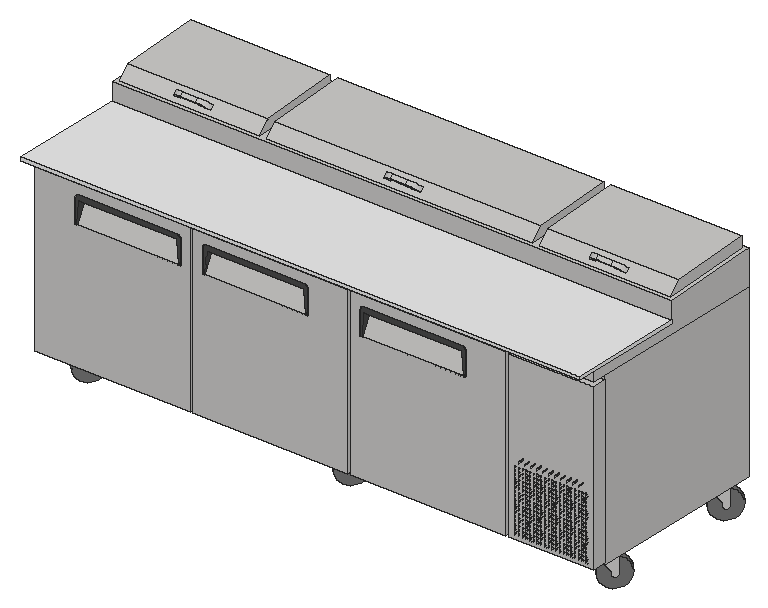
Revit family "QF_Turbo Air_TPR-93SD", category Specialty Equipment, Revit 2012 (continued)
Forms (in)
  Extrusion 17, solid, material "QF_Finishes_Clearances", detail levels coarse
    sketch origin (-20.10094, 0, 0) x (0, 1, 0) y (0, 0, 1)
      loop
        line (-0.43665, 40.16021) -> (0.94312, 41.18404) -> (-6.89696, 51.74983) -> (-9.30056, 52.10578)
        arc (-9.30056, 52.10578) -> (-13.94213, 46.43603) -> (-15.28268, 39.23233) r 14.75
        line (-15.28268, 39.23233) -> (-13.67506, 41.0543) -> (-0.54382, 41.875) -> (-0.43665, 40.16021)
    from 0 to 23.3125
  Extrusion 18, solid, material "QF_Finishes_Stainless Steel"
    sketch origin (4.39906, 0, 0) x (0, 1, 0) y (0, 0, 1)
      loop
        line (-0.43665, 40.16021) -> (-0.54382, 41.875) -> (-13.67506, 41.0543) -> (-15.28268, 39.23233) -> (-0.43665, 40.16021)
    from 0 to 44.4375
  Extrusion 19, solid, material "QF_Finishes_Stainless Steel"
    sketch origin (35.0625, 15.62211, 13.58363) x (1, 0, 0) y (0, -0.749838, 0.661622)
      loop
        line (-6.44469, 40.14331) -> (-5.44469, 40.14331)
        arc (-5.44469, 40.14331) -> (-6.1194, 41.04872) -> (-7.19469, 41.39331) r 1.85
        line (-7.19469, 41.39331) -> (-9.69469, 41.39331)
        arc (-9.69469, 41.39331) -> (-10.76998, 41.04872) -> (-11.44469, 40.14331) r 1.85
        line (-11.44469, 40.14331) -> (-10.44469, 40.14331) -> (-10.44469, 40.64331)
        arc (-10.44469, 40.64331) -> (-10.29824, 40.99687) -> (-9.94469, 41.14331) r 0.5
        line (-9.94469, 41.14331) -> (-6.94469, 41.14331)
        arc (-6.94469, 41.14331) -> (-6.59114, 40.99687) -> (-6.44469, 40.64331) r 0.5
        line (-6.44469, 40.64331) -> (-6.44469, 40.14331)
    from -0.375 to 0.375
  Extrusion 20, solid, material "QF_Finishes_Clearances", detail levels coarse
    sketch origin (-0.96875, -13.97942, 12.21756) x (1, 0, 0) y (0, 0.146492, 0.989212)
      loop
        line (29.58656, 40.14331) -> (30.58656, 40.14331)
        arc (30.58656, 40.14331) -> (29.91185, 41.04872) -> (28.83656, 41.39331) r 1.85
        line (28.83656, 41.39331) -> (26.33656, 41.39331)
        arc (26.33656, 41.39331) -> (25.26127, 41.04872) -> (24.58656, 40.14331) r 1.85
        line (24.58656, 40.14331) -> (25.58656, 40.14331) -> (25.58656, 40.64331)
        arc (25.58656, 40.64331) -> (25.73301, 40.99687) -> (26.08656, 41.14331) r 0.5
        line (26.08656, 41.14331) -> (29.08656, 41.14331)
        arc (29.08656, 41.14331) -> (29.44011, 40.99687) -> (29.58656, 40.64331) r 0.5
        line (29.58656, 40.64331) -> (29.58656, 40.14331)
    from -0.375 to 0.375
  Extrusion 21, solid, material "QF_Finishes_Clearances", detail levels coarse
    sketch origin (4.39906, 0, 0) x (0, 1, 0) y (0, 0, 1)
      loop
        line (-0.43665, 40.16021) -> (0.94312, 41.18404) -> (-6.89696, 51.74983) -> (-9.30056, 52.10578)
        arc (-9.30056, 52.10578) -> (-13.94213, 46.43603) -> (-15.28268, 39.23233) r 14.75
        line (-15.28268, 39.23233) -> (-13.67506, 41.0543) -> (-0.54382, 41.875) -> (-0.43665, 40.16021)
    from 0 to 44.4375
  Extrusion 22, solid, material "QF_Finishes_Black"
    sketch origin (0, -29.875, 0) x (1, 0, 0) y (0, 0, 1)
      loop
        line (6.58656, 32.5625) -> (6.58656, 7.125) -> (30.58656, 7.125) -> (30.58656, 32.5625) -> (6.58656, 32.5625)
    from 0 to 0.5625
Lines and regions (in)
  symbolic lines
    curve 1: line (-20.78844, 0, 0) -> (72.58656, 0, 0)
    curve 2: line (-20.78844, -35.25, 0) -> (-20.78844, 0, 0)
    curve 3: line (72.58656, -35.25, 0) -> (-20.78844, -35.25, 0)
    curve 4: line (72.58656, 0, 0) -> (72.58656, -35.25, 0)
    curve 5: line (-20.78844, -16, 0) -> (72.58656, -16, 0)
    curve 6: line (-20.10094, -0.43665, 0) -> (3.21156, -0.43665, 0)
    curve 7: line (-20.10094, -0.43665, 0) -> (-20.10094, -15.28268, 0)
    curve 8: line (3.21156, -15.28268, 0) -> (-5.92034, -15.28268, 0)
    curve 9: line (3.21156, -15.28268, 0) -> (3.21156, -0.43665, 0)
    curve 10: line (-7.19469, -15.66428, 0) -> (-9.69469, -15.66428, 0)
    curve 11: line (-9.69469, -15.16806, 0) -> (-7.19469, -15.16806, 0)
    curve 12: spline (-9.69469, -15.66428, 0) -> (-9.88559, -15.65687, 0) -> (-10.07446, -15.63473, 0) -> (-10.25927, -15.5981, 0) -> (-10.43805, -15.54736, 0) -> (-10.6089, -15.48306, 0) -> (-10.76998, -15.40589, 0) -> (-10.91958, -15.31666, 0) -> (-11.05611, -15.21633, 0) -> (-11.1781, -15.10598, 0) -> (-11.28425, -14.98677, 0) -> (-11.37343, -14.85999, 0) -> (-11.44469, -14.72698, 0)
    curve 13: spline (-11.44469, -14.23076, 0) -> (-11.37343, -14.36377, 0) -> (-11.28425, -14.49055, 0) -> (-11.1781, -14.60976, 0) -> (-11.05611, -14.72012, 0) -> (-10.91958, -14.82044, 0) -> (-10.76998, -14.90967, 0) -> (-10.6089, -14.98685, 0) -> (-10.43805, -15.05115, 0) -> (-10.25927, -15.10189, 0) -> (-10.07446, -15.13852, 0) -> (-9.88559, -15.16066, 0) -> (-9.69469, -15.16806, 0)
    curve 14: line (-10.44469, -14.23076, 0) -> (-11.44469, -14.23076, 0)
    curve 15: line (-11.44469, -14.23076, 0) -> (-11.44469, -14.72698, 0)
    curve 16: line (-10.44469, -14.60568, 0) -> (-10.44469, -14.23076, 0)
    curve 17: line (-6.94469, -14.9806, 0) -> (-9.94469, -14.9806, 0)
    curve 18: spline (-9.94469, -14.9806, 0) -> (-10.00995, -14.97739, 0) -> (-10.0741, -14.96783, 0) -> (-10.13603, -14.95206, 0) -> (-10.19469, -14.93037, 0) -> (-10.24907, -14.90313, 0) -> (-10.29824, -14.87079, 0) -> (-10.34137, -14.83392, 0) -> (-10.3777, -14.79314, 0) -> (-10.40663, -14.74916, 0) -> (-10.42765, -14.70272, 0) -> (-10.44041, -14.65462, 0) -> (-10.44469, -14.60568, 0)
    curve 19: line (-5.44469, -14.23076, 0) -> (-6.44469, -14.23076, 0)
    curve 20: line (-5.44469, -14.72698, 0) -> (-5.44469, -14.23076, 0)
    curve 21: line (-6.44469, -14.23076, 0) -> (-6.44469, -14.60568, 0)
    curve 22: spline (-6.44469, -14.60568, 0) -> (-6.44897, -14.65462, 0) -> (-6.46173, -14.70272, 0) -> (-6.48275, -14.74916, 0) -> (-6.51168, -14.79314, 0) -> (-6.54801, -14.83392, 0) -> (-6.59114, -14.87079, 0) -> (-6.64031, -14.90313, 0) -> (-6.69469, -14.93037, 0) -> (-6.75335, -14.95206, 0) -> (-6.81528, -14.96783, 0) -> (-6.87943, -14.97739, 0) -> (-6.94469, -14.9806, 0)
    curve 23: spline (-7.19469, -15.16806, 0) -> (-7.00379, -15.16066, 0) -> (-6.81492, -15.13852, 0) -> (-6.63011, -15.10189, 0) -> (-6.45133, -15.05115, 0) -> (-6.28048, -14.98685, 0) -> (-6.1194, -14.90967, 0) -> (-5.9698, -14.82044, 0) -> (-5.83327, -14.72012, 0) -> (-5.71128, -14.60976, 0) -> (-5.60513, -14.49055, 0) -> (-5.51595, -14.36377, 0) -> (-5.44469, -14.23076, 0)
    curve 24: spline (-5.44469, -14.72698, 0) -> (-5.51595, -14.85999, 0) -> (-5.60513, -14.98677, 0) -> (-5.71128, -15.10598, 0) -> (-5.83327, -15.21633, 0) -> (-5.9698, -15.31666, 0) -> (-6.1194, -15.40589, 0) -> (-6.28048, -15.48306, 0) -> (-6.45133, -15.54736, 0) -> (-6.63011, -15.5981, 0) -> (-6.81492, -15.63473, 0) -> (-7.00379, -15.65687, 0) -> (-7.19469, -15.66428, 0)
    curve 25: line (-10.96904, -15.28268, 0) -> (-20.10094, -15.28268, 0)
    curve 26: line (-15.28844, 1, 0) -> (-14.03844, 1, 0)
    curve 27: line (65.83656, 1, 0) -> (67.08656, 1, 0)
    curve 28: line (67.08656, 1, 0) -> (67.08656, 0, 0)
    curve 29: line (65.83656, 1, 0) -> (65.83656, 0, 0)
    curve 30: line (-14.03844, 1, 0) -> (-14.03844, 0, 0)
    curve 31: line (-15.28844, 1, 0) -> (-15.28844, 0, 0)
    curve 52: line (62.21156, -15.66428, 0) -> (59.71156, -15.66428, 0)
    curve 53: line (59.71156, -15.16806, 0) -> (62.21156, -15.16806, 0)
    curve 54: spline (59.71156, -15.66428, 0) -> (59.52066, -15.65687, 0) -> (59.33179, -15.63473, 0) -> (59.14698, -15.5981, 0) -> (58.9682, -15.54736, 0) -> (58.79735, -15.48306, 0) -> (58.63627, -15.40589, 0) -> (58.48667, -15.31666, 0) -> (58.35014, -15.21633, 0) -> (58.22815, -15.10598, 0) -> (58.122, -14.98677, 0) -> (58.03282, -14.85999, 0) -> (57.96156, -14.72698, 0)
    curve 55: spline (57.96156, -14.23076, 0) -> (58.03282, -14.36377, 0) -> (58.122, -14.49055, 0) -> (58.22815, -14.60976, 0) -> (58.35014, -14.72012, 0) -> (58.48667, -14.82044, 0) -> (58.63627, -14.90967, 0) -> (58.79735, -14.98685, 0) -> (58.9682, -15.05115, 0) -> (59.14698, -15.10189, 0) -> (59.33179, -15.13852, 0) -> (59.52066, -15.16066, 0) -> (59.71156, -15.16806, 0)
    curve 56: line (58.96156, -14.23076, 0) -> (57.96156, -14.23076, 0)
    curve 57: line (57.96156, -14.23076, 0) -> (57.96156, -14.72698, 0)
    curve 58: line (58.96156, -14.60568, 0) -> (58.96156, -14.23076, 0)
    curve 59: line (63.96156, -14.23076, 0) -> (62.96156, -14.23076, 0)
    curve 60: line (63.96156, -14.72698, 0) -> (63.96156, -14.23076, 0)
    curve 61: line (62.96156, -14.23076, 0) -> (62.96156, -14.60568, 0)
    curve 62: spline (62.21156, -15.16806, 0) -> (62.40246, -15.16066, 0) -> (62.59133, -15.13852, 0) -> (62.77614, -15.10189, 0) -> (62.95492, -15.05115, 0) -> (63.12577, -14.98685, 0) -> (63.28685, -14.90967, 0) -> (63.43645, -14.82044, 0) -> (63.57298, -14.72012, 0) -> (63.69497, -14.60976, 0) -> (63.80112, -14.49055, 0) -> (63.8903, -14.36377, 0) -> (63.96156, -14.23076, 0)
    curve 63: spline (63.96156, -14.72698, 0) -> (63.8903, -14.85999, 0) -> (63.80112, -14.98677, 0) -> (63.69497, -15.10598, 0) -> (63.57298, -15.21633, 0) -> (63.43645, -15.31666, 0) -> (63.28685, -15.40589, 0) -> (63.12577, -15.48306, 0) -> (62.95492, -15.54736, 0) -> (62.77614, -15.5981, 0) -> (62.59133, -15.63473, 0) -> (62.40246, -15.65687, 0) -> (62.21156, -15.66428, 0)
    curve 67: line (71.89906, -0.43665, 0) -> (50.02406, -0.43665, 0)
    curve 68: line (50.02406, -15.28268, 0) -> (58.43721, -15.28268, 0)
    curve 69: line (50.02406, -0.43665, 0) -> (50.02406, -15.28268, 0)
    curve 70: line (71.89906, -15.28268, 0) -> (71.89906, -0.43665, 0)
    curve 71: line (63.48591, -15.28268, 0) -> (71.89906, -15.28268, 0)
    curve 148: line (27.86781, -15.66428, 0) -> (25.36781, -15.66428, 0)
    curve 149: line (25.36781, -15.16806, 0) -> (27.86781, -15.16806, 0)
    curve 150: spline (25.36781, -15.66428, 0) -> (25.17691, -15.65687, 0) -> (24.98804, -15.63473, 0) -> (24.80323, -15.5981, 0) -> (24.62445, -15.54736, 0) -> (24.4536, -15.48306, 0) -> (24.29252, -15.40589, 0) -> (24.14292, -15.31666, 0) -> (24.00639, -15.21633, 0) -> (23.8844, -15.10598, 0) -> (23.77825, -14.98677, 0) -> (23.68907, -14.85999, 0) -> (23.61781, -14.72698, 0)
    curve 151: spline (23.61781, -14.23076, 0) -> (23.68907, -14.36377, 0) -> (23.77825, -14.49055, 0) -> (23.8844, -14.60976, 0) -> (24.00639, -14.72012, 0) -> (24.14292, -14.82044, 0) -> (24.29252, -14.90967, 0) -> (24.4536, -14.98685, 0) -> (24.62445, -15.05115, 0) -> (24.80323, -15.10189, 0) -> (24.98804, -15.13852, 0) -> (25.17691, -15.16066, 0) -> (25.36781, -15.16806, 0)
    curve 152: line (24.61781, -14.23076, 0) -> (23.61781, -14.23076, 0)
    curve 153: line (23.61781, -14.23076, 0) -> (23.61781, -14.72698, 0)
    curve 154: line (24.61781, -14.60568, 0) -> (24.61781, -14.23076, 0)
    curve 155: line (28.11781, -14.9806, 0) -> (25.11781, -14.9806, 0)
    curve 156: spline (25.11781, -14.9806, 0) -> (25.05255, -14.97739, 0) -> (24.9884, -14.96783, 0) -> (24.92647, -14.95206, 0) -> (24.86781, -14.93037, 0) -> (24.81343, -14.90313, 0) -> (24.76426, -14.87079, 0) -> (24.72113, -14.83392, 0) -> (24.6848, -14.79314, 0) -> (24.65587, -14.74916, 0) -> (24.63485, -14.70272, 0) -> (24.62209, -14.65462, 0) -> (24.61781, -14.60568, 0)
    curve 157: line (29.61781, -14.23076, 0) -> (28.61781, -14.23076, 0)
    curve 158: line (29.61781, -14.72698, 0) -> (29.61781, -14.23076, 0)
    curve 159: line (28.61781, -14.23076, 0) -> (28.61781, -14.60568, 0)
    curve 160: spline (28.61781, -14.60568, 0) -> (28.61353, -14.65462, 0) -> (28.60077, -14.70272, 0) -> (28.57975, -14.74916, 0) -> (28.55082, -14.79314, 0) -> (28.51449, -14.83392, 0) -> (28.47136, -14.87079, 0) -> (28.42219, -14.90313, 0) -> (28.36781, -14.93037, 0) -> (28.30915, -14.95206, 0) -> (28.24722, -14.96783, 0) -> (28.18307, -14.97739, 0) -> (28.11781, -14.9806, 0)
    curve 161: spline (27.86781, -15.16806, 0) -> (28.05871, -15.16066, 0) -> (28.24758, -15.13852, 0) -> (28.43239, -15.10189, 0) -> (28.61117, -15.05115, 0) -> (28.78202, -14.98685, 0) -> (28.9431, -14.90967, 0) -> (29.0927, -14.82044, 0) -> (29.22923, -14.72012, 0) -> (29.35122, -14.60976, 0) -> (29.45737, -14.49055, 0) -> (29.54655, -14.36377, 0) -> (29.61781, -14.23076, 0)
    curve 162: spline (29.61781, -14.72698, 0) -> (29.54655, -14.85999, 0) -> (29.45737, -14.98677, 0) -> (29.35122, -15.10598, 0) -> (29.22923, -15.21633, 0) -> (29.0927, -15.31666, 0) -> (28.9431, -15.40589, 0) -> (28.78202, -15.48306, 0) -> (28.61117, -15.54736, 0) -> (28.43239, -15.5981, 0) -> (28.24758, -15.63473, 0) -> (28.05871, -15.65687, 0) -> (27.86781, -15.66428, 0)
    curve 256: line (4.39906, -0.43665, 0) -> (4.39906, -15.28268, 0)
    curve 257: line (4.39906, -15.28268, 0) -> (24.09346, -15.28268, 0)
    curve 258: line (48.83656, -15.28268, 0) -> (48.83656, -0.43665, 0)
    curve 259: line (48.83656, -0.43665, 0) -> (4.39906, -0.43665, 0)
    curve 260: line (29.14216, -15.28268, 0) -> (48.83656, -15.28268, 0)
  symbolic lines, style "QF_Surface Details"
    curve 32: line (-11.31969, -14.5625, 0) -> (-5.56969, -14.5625, 0)
    curve 33: line (-5.00719, -14, 0) -> (-5.00719, -2.375, 0)
    curve 34: line (-5.56969, -1.8125, 0) -> (-11.31969, -1.8125, 0)
    curve 35: line (-11.88219, -14, 0) -> (-11.88219, -2.375, 0)
    curve 36: arc (-5.56969, -1.8125, 0) -> (-5.17194, -1.97725, 0) -> (-5.00719, -2.375, 0) r 0.5625
    curve 37: arc (-11.31969, -1.8125, 0) -> (-11.71744, -1.97725, 0) -> (-11.88219, -2.375, 0) r 0.5625
    curve 38: arc (-11.88219, -14, 0) -> (-11.71744, -14.39775, 0) -> (-11.31969, -14.5625, 0) r 0.5625
    curve 39: arc (-5.00719, -14, 0) -> (-5.17194, -14.39775, 0) -> (-5.56969, -14.5625, 0) r 0.5625
    curve 40: line (-5.56969, -12.625, 0) -> (-5.56969, -3.75, 0)
    curve 41: line (-6.94469, -2.375, 0) -> (-9.94469, -2.375, 0)
    curve 42: line (-9.94469, -14, 0) -> (-6.94469, -14, 0)
    curve 43: line (-11.31969, -12.625, 0) -> (-11.31969, -3.75, 0)
    curve 44: arc (-9.94469, -2.375, 0) -> (-10.91696, -2.77773, 0) -> (-11.31969, -3.75, 0) r 1.375
    curve 45: arc (-6.94469, -2.375, 0) -> (-5.97242, -2.77773, 0) -> (-5.56969, -3.75, 0) r 1.375
    curve 46: arc (-5.56969, -12.625, 0) -> (-5.97242, -13.59727, 0) -> (-6.94469, -14, 0) r 1.375
    curve 47: arc (-9.94469, -14, 0) -> (-10.91696, -13.59727, 0) -> (-11.31969, -12.625, 0) r 1.375
    curve 72: line (50.64906, -14, 0) -> (50.64906, -2.375, 0)
    curve 73: line (51.21156, -14.5625, 0) -> (56.96156, -14.5625, 0)
    curve 74: line (57.52406, -14, 0) -> (57.52406, -2.375, 0)
    curve 75: line (56.96156, -1.8125, 0) -> (51.21156, -1.8125, 0)
    curve 76: arc (56.96156, -1.8125, 0) -> (57.35931, -1.97725, 0) -> (57.52406, -2.375, 0) r 0.5625
    curve 77: arc (51.21156, -1.8125, 0) -> (50.81381, -1.97725, 0) -> (50.64906, -2.375, 0) r 0.5625
    curve 78: arc (57.52406, -14, 0) -> (57.35931, -14.39775, 0) -> (56.96156, -14.5625, 0) r 0.5625
    curve 79: line (56.96156, -12.625, 0) -> (56.96156, -3.75, 0)
    curve 80: line (55.58656, -2.375, 0) -> (52.58656, -2.375, 0)
    curve 81: line (52.58656, -14, 0) -> (55.58656, -14, 0)
    curve 82: line (51.21156, -12.625, 0) -> (51.21156, -3.75, 0)
    curve 83: arc (52.58656, -2.375, 0) -> (51.61429, -2.77773, 0) -> (51.21156, -3.75, 0) r 1.375
    curve 84: arc (55.58656, -2.375, 0) -> (56.55883, -2.77773, 0) -> (56.96156, -3.75, 0) r 1.375
    curve 85: arc (56.96156, -12.625, 0) -> (56.55883, -13.59727, 0) -> (55.58656, -14, 0) r 1.375
    curve 86: arc (52.58656, -14, 0) -> (51.61429, -13.59727, 0) -> (51.21156, -12.625, 0) r 1.375
    curve 87: arc (50.64906, -14, 0) -> (50.81381, -14.39775, 0) -> (51.21156, -14.5625, 0) r 0.5625
    curve 88: line (58.08656, -14.5625, 0) -> (63.83656, -14.5625, 0)
    curve 89: line (64.39906, -14, 0) -> (64.39906, -2.375, 0)
    curve 90: line (63.83656, -1.8125, 0) -> (58.08656, -1.8125, 0)
    curve 91: arc (63.83656, -1.8125, 0) -> (64.23431, -1.97725, 0) -> (64.39906, -2.375, 0) r 0.5625
    curve 92: arc (58.08656, -1.8125, 0) -> (57.68881, -1.97725, 0) -> (57.52406, -2.375, 0) r 0.5625
    curve 93: arc (64.39906, -14, 0) -> (64.23431, -14.39775, 0) -> (63.83656, -14.5625, 0) r 0.5625
    curve 94: line (63.83656, -12.625, 0) -> (63.83656, -3.75, 0)
    curve 95: line (62.46156, -2.375, 0) -> (59.46156, -2.375, 0)
    curve 96: line (59.46156, -14, 0) -> (62.46156, -14, 0)
    curve 97: line (58.08656, -12.625, 0) -> (58.08656, -3.75, 0)
    curve 98: arc (59.46156, -2.375, 0) -> (58.48929, -2.77773, 0) -> (58.08656, -3.75, 0) r 1.375
    curve 99: arc (62.46156, -2.375, 0) -> (63.43383, -2.77773, 0) -> (63.83656, -3.75, 0) r 1.375
    curve 100: arc (63.83656, -12.625, 0) -> (63.43383, -13.59727, 0) -> (62.46156, -14, 0) r 1.375
    curve 101: arc (59.46156, -14, 0) -> (58.48929, -13.59727, 0) -> (58.08656, -12.625, 0) r 1.375
    curve 102: arc (57.52406, -14, 0) -> (57.68881, -14.39775, 0) -> (58.08656, -14.5625, 0) r 0.5625
    curve 103: line (64.96156, -14.5625, 0) -> (70.71156, -14.5625, 0)
    curve 104: line (71.27406, -14, 0) -> (71.27406, -2.375, 0)
    curve 105: line (70.71156, -1.8125, 0) -> (64.96156, -1.8125, 0)
    curve 106: arc (70.71156, -1.8125, 0) -> (71.10931, -1.97725, 0) -> (71.27406, -2.375, 0) r 0.5625
    curve 107: arc (64.96156, -1.8125, 0) -> (64.56381, -1.97725, 0) -> (64.39906, -2.375, 0) r 0.5625
    curve 108: arc (71.27406, -14, 0) -> (71.10931, -14.39775, 0) -> (70.71156, -14.5625, 0) r 0.5625
    curve 109: line (70.71156, -12.625, 0) -> (70.71156, -3.75, 0)
    curve 110: line (69.33656, -2.375, 0) -> (66.33656, -2.375, 0)
    curve 111: line (66.33656, -14, 0) -> (69.33656, -14, 0)
    curve 112: line (64.96156, -12.625, 0) -> (64.96156, -3.75, 0)
    curve 113: arc (66.33656, -2.375, 0) -> (65.36429, -2.77773, 0) -> (64.96156, -3.75, 0) r 1.375
    curve 114: arc (69.33656, -2.375, 0) -> (70.30883, -2.77773, 0) -> (70.71156, -3.75, 0) r 1.375
    curve 115: arc (70.71156, -12.625, 0) -> (70.30883, -13.59727, 0) -> (69.33656, -14, 0) r 1.375
    curve 116: arc (66.33656, -14, 0) -> (65.36429, -13.59727, 0) -> (64.96156, -12.625, 0) r 1.375
    curve 117: arc (64.39906, -14, 0) -> (64.56381, -14.39775, 0) -> (64.96156, -14.5625, 0) r 0.5625
    curve 118: line (-18.19469, -14.5625, 0) -> (-12.44469, -14.5625, 0)
    curve 119: line (-12.44469, -1.8125, 0) -> (-18.19469, -1.8125, 0)
    curve 120: line (-18.75719, -14, 0) -> (-18.75719, -2.375, 0)
    curve 121: arc (-12.44469, -1.8125, 0) -> (-12.04694, -1.97725, 0) -> (-11.88219, -2.375, 0) r 0.5625
    curve 122: arc (-18.19469, -1.8125, 0) -> (-18.59244, -1.97725, 0) -> (-18.75719, -2.375, 0) r 0.5625
    curve 123: arc (-18.75719, -14, 0) -> (-18.59244, -14.39775, 0) -> (-18.19469, -14.5625, 0) r 0.5625
    curve 124: arc (-11.88219, -14, 0) -> (-12.04694, -14.39775, 0) -> (-12.44469, -14.5625, 0) r 0.5625
    curve 125: line (-12.44469, -12.625, 0) -> (-12.44469, -3.75, 0)
    curve 126: line (-13.81969, -2.375, 0) -> (-16.81969, -2.375, 0)
    curve 127: line (-16.81969, -14, 0) -> (-13.81969, -14, 0)
    curve 128: line (-18.19469, -12.625, 0) -> (-18.19469, -3.75, 0)
    curve 129: arc (-16.81969, -2.375, 0) -> (-17.79196, -2.77773, 0) -> (-18.19469, -3.75, 0) r 1.375
    curve 130: arc (-13.81969, -2.375, 0) -> (-12.84742, -2.77773, 0) -> (-12.44469, -3.75, 0) r 1.375
    curve 131: arc (-12.44469, -12.625, 0) -> (-12.84742, -13.59727, 0) -> (-13.81969, -14, 0) r 1.375
    curve 132: arc (-16.81969, -14, 0) -> (-17.79196, -13.59727, 0) -> (-18.19469, -12.625, 0) r 1.375
    curve 133: line (1.30531, -14.5625, 0) -> (-4.44469, -14.5625, 0)
    curve 134: line (-4.44469, -1.8125, 0) -> (1.30531, -1.8125, 0)
    curve 135: line (1.86781, -14, 0) -> (1.86781, -2.375, 0)
    curve 136: arc (-4.44469, -1.8125, 0) -> (-4.84244, -1.97725, 0) -> (-5.00719, -2.375, 0) r 0.5625
    curve 137: arc (1.30531, -1.8125, 0) -> (1.70306, -1.97725, 0) -> (1.86781, -2.375, 0) r 0.5625
    curve 138: arc (1.86781, -14, 0) -> (1.70306, -14.39775, 0) -> (1.30531, -14.5625, 0) r 0.5625
    curve 139: arc (-5.00719, -14, 0) -> (-4.84244, -14.39775, 0) -> (-4.44469, -14.5625, 0) r 0.5625
    curve 140: line (-4.44469, -12.625, 0) -> (-4.44469, -3.75, 0)
    curve 141: line (-3.06969, -2.375, 0) -> (-0.06969, -2.375, 0)
    curve 142: line (-0.06969, -14, 0) -> (-3.06969, -14, 0)
    curve 143: line (1.30531, -12.625, 0) -> (1.30531, -3.75, 0)
    curve 144: arc (-0.06969, -2.375, 0) -> (0.90258, -2.77773, 0) -> (1.30531, -3.75, 0) r 1.375
    curve 145: arc (-3.06969, -2.375, 0) -> (-4.04196, -2.77773, 0) -> (-4.44469, -3.75, 0) r 1.375
    curve 146: arc (-4.44469, -12.625, 0) -> (-4.04196, -13.59727, 0) -> (-3.06969, -14, 0) r 1.375
    curve 147: arc (-0.06969, -14, 0) -> (0.90258, -13.59727, 0) -> (1.30531, -12.625, 0) r 1.375
    curve 165: line (20.30531, -14.5625, 0) -> (26.05531, -14.5625, 0)
    curve 166: line (26.61781, -14, 0) -> (26.61781, -2.375, 0)
    curve 167: line (26.05531, -1.8125, 0) -> (20.30531, -1.8125, 0)
    curve 168: line (19.74281, -14, 0) -> (19.74281, -2.375, 0)
    curve 169: arc (26.05531, -1.8125, 0) -> (26.45306, -1.97725, 0) -> (26.61781, -2.375, 0) r 0.5625
    curve 170: arc (20.30531, -1.8125, 0) -> (19.90756, -1.97725, 0) -> (19.74281, -2.375, 0) r 0.5625
    curve 171: arc (19.74281, -14, 0) -> (19.90756, -14.39775, 0) -> (20.30531, -14.5625, 0) r 0.5625
    curve 172: arc (26.61781, -14, 0) -> (26.45306, -14.39775, 0) -> (26.05531, -14.5625, 0) r 0.5625
    curve 173: line (26.05531, -12.625, 0) -> (26.05531, -3.75, 0)
    curve 174: line (24.68031, -2.375, 0) -> (21.68031, -2.375, 0)
    curve 175: line (21.68031, -14, 0) -> (24.68031, -14, 0)
    curve 176: line (20.30531, -12.625, 0) -> (20.30531, -3.75, 0)
    curve 177: arc (21.68031, -2.375, 0) -> (20.70804, -2.77773, 0) -> (20.30531, -3.75, 0) r 1.375
    curve 178: arc (24.68031, -2.375, 0) -> (25.65258, -2.77773, 0) -> (26.05531, -3.75, 0) r 1.375
    curve 179: arc (26.05531, -12.625, 0) -> (25.65258, -13.59727, 0) -> (24.68031, -14, 0) r 1.375
    curve 180: arc (21.68031, -14, 0) -> (20.70804, -13.59727, 0) -> (20.30531, -12.625, 0) r 1.375
    curve 181: line (13.43031, -14.5625, 0) -> (19.18031, -14.5625, 0)
    curve 182: line (19.18031, -1.8125, 0) -> (13.43031, -1.8125, 0)
    curve 183: line (12.86781, -14, 0) -> (12.86781, -2.375, 0)
    curve 184: arc (19.18031, -1.8125, 0) -> (19.57806, -1.97725, 0) -> (19.74281, -2.375, 0) r 0.5625
    curve 185: arc (13.43031, -1.8125, 0) -> (13.03256, -1.97725, 0) -> (12.86781, -2.375, 0) r 0.5625
    curve 186: arc (12.86781, -14, 0) -> (13.03256, -14.39775, 0) -> (13.43031, -14.5625, 0) r 0.5625
    curve 187: arc (19.74281, -14, 0) -> (19.57806, -14.39775, 0) -> (19.18031, -14.5625, 0) r 0.5625
    curve 188: line (19.18031, -12.625, 0) -> (19.18031, -3.75, 0)
    curve 189: line (17.80531, -2.375, 0) -> (14.80531, -2.375, 0)
    curve 190: line (14.80531, -14, 0) -> (17.80531, -14, 0)
    curve 191: line (13.43031, -12.625, 0) -> (13.43031, -3.75, 0)
    curve 192: arc (14.80531, -2.375, 0) -> (13.83304, -2.77773, 0) -> (13.43031, -3.75, 0) r 1.375
    curve 193: arc (17.80531, -2.375, 0) -> (18.77758, -2.77773, 0) -> (19.18031, -3.75, 0) r 1.375
    curve 194: arc (19.18031, -12.625, 0) -> (18.77758, -13.59727, 0) -> (17.80531, -14, 0) r 1.375
    curve 195: arc (14.80531, -14, 0) -> (13.83304, -13.59727, 0) -> (13.43031, -12.625, 0) r 1.375
    curve 196: line (32.93031, -14.5625, 0) -> (27.18031, -14.5625, 0)
    curve 197: line (27.18031, -1.8125, 0) -> (32.93031, -1.8125, 0)
    curve 198: line (33.49281, -14, 0) -> (33.49281, -2.375, 0)
    curve 199: arc (27.18031, -1.8125, 0) -> (26.78256, -1.97725, 0) -> (26.61781, -2.375, 0) r 0.5625
    curve 200: arc (32.93031, -1.8125, 0) -> (33.32806, -1.97725, 0) -> (33.49281, -2.375, 0) r 0.5625
    curve 201: arc (33.49281, -14, 0) -> (33.32806, -14.39775, 0) -> (32.93031, -14.5625, 0) r 0.5625
    curve 202: arc (26.61781, -14, 0) -> (26.78256, -14.39775, 0) -> (27.18031, -14.5625, 0) r 0.5625
    curve 203: line (27.18031, -12.625, 0) -> (27.18031, -3.75, 0)
    curve 204: line (28.55531, -2.375, 0) -> (31.55531, -2.375, 0)
    curve 205: line (31.55531, -14, 0) -> (28.55531, -14, 0)
    curve 206: line (32.93031, -12.625, 0) -> (32.93031, -3.75, 0)
    curve 207: arc (31.55531, -2.375, 0) -> (32.52758, -2.77773, 0) -> (32.93031, -3.75, 0) r 1.375
    curve 208: arc (28.55531, -2.375, 0) -> (27.58304, -2.77773, 0) -> (27.18031, -3.75, 0) r 1.375
    curve 209: arc (27.18031, -12.625, 0) -> (27.58304, -13.59727, 0) -> (28.55531, -14, 0) r 1.375
    curve 210: arc (31.55531, -14, 0) -> (32.52758, -13.59727, 0) -> (32.93031, -12.625, 0) r 1.375
    curve 211: line (6.55531, -14.5625, 0) -> (12.30531, -14.5625, 0)
    curve 212: line (12.30531, -1.8125, 0) -> (6.55531, -1.8125, 0)
    curve 213: line (5.99281, -14, 0) -> (5.99281, -2.375, 0)
    curve 214: arc (12.30531, -1.8125, 0) -> (12.70306, -1.97725, 0) -> (12.86781, -2.375, 0) r 0.5625
    curve 215: arc (6.55531, -1.8125, 0) -> (6.15756, -1.97725, 0) -> (5.99281, -2.375, 0) r 0.5625
    curve 216: arc (5.99281, -14, 0) -> (6.15756, -14.39775, 0) -> (6.55531, -14.5625, 0) r 0.5625
    curve 217: arc (12.86781, -14, 0) -> (12.70306, -14.39775, 0) -> (12.30531, -14.5625, 0) r 0.5625
    curve 218: line (12.30531, -12.625, 0) -> (12.30531, -3.75, 0)
    curve 219: line (10.93031, -2.375, 0) -> (7.93031, -2.375, 0)
    curve 220: line (7.93031, -14, 0) -> (10.93031, -14, 0)
    curve 221: line (6.55531, -12.625, 0) -> (6.55531, -3.75, 0)
    curve 222: arc (7.93031, -2.375, 0) -> (6.95804, -2.77773, 0) -> (6.55531, -3.75, 0) r 1.375
    curve 223: arc (10.93031, -2.375, 0) -> (11.90258, -2.77773, 0) -> (12.30531, -3.75, 0) r 1.375
    curve 224: arc (12.30531, -12.625, 0) -> (11.90258, -13.59727, 0) -> (10.93031, -14, 0) r 1.375
    curve 225: arc (7.93031, -14, 0) -> (6.95804, -13.59727, 0) -> (6.55531, -12.625, 0) r 1.375
    curve 226: line (39.80531, -14.5625, 0) -> (34.05531, -14.5625, 0)
    curve 227: line (34.05531, -1.8125, 0) -> (39.80531, -1.8125, 0)
    curve 228: line (40.36781, -14, 0) -> (40.36781, -2.375, 0)
    curve 229: arc (34.05531, -1.8125, 0) -> (33.65756, -1.97725, 0) -> (33.49281, -2.375, 0) r 0.5625
    curve 230: arc (39.80531, -1.8125, 0) -> (40.20306, -1.97725, 0) -> (40.36781, -2.375, 0) r 0.5625
    curve 231: arc (40.36781, -14, 0) -> (40.20306, -14.39775, 0) -> (39.80531, -14.5625, 0) r 0.5625
    curve 232: arc (33.49281, -14, 0) -> (33.65756, -14.39775, 0) -> (34.05531, -14.5625, 0) r 0.5625
    curve 233: line (34.05531, -12.625, 0) -> (34.05531, -3.75, 0)
    curve 234: line (35.43031, -2.375, 0) -> (38.43031, -2.375, 0)
    curve 235: line (38.43031, -14, 0) -> (35.43031, -14, 0)
    curve 236: line (39.80531, -12.625, 0) -> (39.80531, -3.75, 0)
    curve 237: arc (38.43031, -2.375, 0) -> (39.40258, -2.77773, 0) -> (39.80531, -3.75, 0) r 1.375
    curve 238: arc (35.43031, -2.375, 0) -> (34.45804, -2.77773, 0) -> (34.05531, -3.75, 0) r 1.375
    curve 239: arc (34.05531, -12.625, 0) -> (34.45804, -13.59727, 0) -> (35.43031, -14, 0) r 1.375
    curve 240: arc (38.43031, -14, 0) -> (39.40258, -13.59727, 0) -> (39.80531, -12.625, 0) r 1.375
    curve 241: line (46.68031, -14.5625, 0) -> (40.93031, -14.5625, 0)
    curve 242: line (40.93031, -1.8125, 0) -> (46.68031, -1.8125, 0)
    curve 243: line (47.24281, -14, 0) -> (47.24281, -2.375, 0)
    curve 244: arc (40.93031, -1.8125, 0) -> (40.53256, -1.97725, 0) -> (40.36781, -2.375, 0) r 0.5625
    curve 245: arc (46.68031, -1.8125, 0) -> (47.07806, -1.97725, 0) -> (47.24281, -2.375, 0) r 0.5625
    curve 246: arc (47.24281, -14, 0) -> (47.07806, -14.39775, 0) -> (46.68031, -14.5625, 0) r 0.5625
    curve 247: arc (40.36781, -14, 0) -> (40.53256, -14.39775, 0) -> (40.93031, -14.5625, 0) r 0.5625
    curve 248: line (40.93031, -12.625, 0) -> (40.93031, -3.75, 0)
    curve 249: line (42.30531, -2.375, 0) -> (45.30531, -2.375, 0)
    curve 250: line (45.30531, -14, 0) -> (42.30531, -14, 0)
    curve 251: line (46.68031, -12.625, 0) -> (46.68031, -3.75, 0)
    curve 252: arc (45.30531, -2.375, 0) -> (46.27758, -2.77773, 0) -> (46.68031, -3.75, 0) r 1.375
    curve 253: arc (42.30531, -2.375, 0) -> (41.33304, -2.77773, 0) -> (40.93031, -3.75, 0) r 1.375
    curve 254: arc (40.93031, -12.625, 0) -> (41.33304, -13.59727, 0) -> (42.30531, -14, 0) r 1.375
    curve 255: arc (45.30531, -14, 0) -> (46.27758, -13.59727, 0) -> (46.68031, -12.625, 0) r 1.375
  symbolic lines, style "QF_Clearances", detail levels coarse
    curve 48: line (-20.78844, -35.25, 0) -> (-20.78844, -58.2696, 0)
    curve 49: arc (-20.78844, -58.2696, 0) -> (-3.48294, -51.68037, 0) -> (5.05764, -35.25, 0) r 26.0196
    curve 50: line (57.96156, -35.25, 0) -> (57.96156, -58.2696, 0)
    curve 51: arc (57.96156, -58.2696, 0) -> (40.65606, -51.68037, 0) -> (32.11548, -35.25, 0) r 26.0196
    curve 163: line (31.58656, -35.25, 0) -> (31.58656, -58.2696, 0)
    curve 164: arc (31.58656, -58.2696, 0) -> (14.28106, -51.68037, 0) -> (5.74048, -35.25, 0) r 26.0196
  symbolic lines, style "SpecialityEquipment"
    curve 64: spline (59.46156, -14.9806, 0) -> (59.3963, -14.97739, 0) -> (59.33215, -14.96783, 0) -> (59.27022, -14.95206, 0) -> (59.21156, -14.93037, 0) -> (59.15718, -14.90313, 0) -> (59.10801, -14.87079, 0) -> (59.06488, -14.83392, 0) -> (59.02855, -14.79314, 0) -> (58.99962, -14.74916, 0) -> (58.9786, -14.70272, 0) -> (58.96584, -14.65462, 0) -> (58.96156, -14.60568, 0)
    curve 65: line (62.46156, -14.9806, 0) -> (59.46156, -14.9806, 0)
    curve 66: spline (62.96156, -14.60568, 0) -> (62.95728, -14.65462, 0) -> (62.94452, -14.70272, 0) -> (62.9235, -14.74916, 0) -> (62.89457, -14.79314, 0) -> (62.85824, -14.83392, 0) -> (62.81511, -14.87079, 0) -> (62.76594, -14.90313, 0) -> (62.71156, -14.93037, 0) -> (62.6529, -14.95206, 0) -> (62.59097, -14.96783, 0) -> (62.52682, -14.97739, 0) -> (62.46156, -14.9806, 0)
Dimensions and locks (in)
  plane 4 "RIGHT" to plane 3 "LEFT" = 7' - 9 3/8"
  locked: plane 6 "FRONT" to plane 1 "BACK" at 35.25
  locked: plane 6 "FRONT" to plane 5 "Front of Door" at 3
  locked: plane 7 "Front of Pans" to plane 1 "BACK" at 16
  locked: plane 8 "Left of Compressor" to plane 4 "RIGHT" at 14.125
  plane 3 "LEFT" to plane 9 "Right of Left Door" = 2' - 2"
  "CasterLeg Height": plane 10 "Bottom" to plane 2
  locked: plane 12 "Door Clearance" to plane 11 "TOP" at 11.375
  locked: plane 11 "TOP" to plane 10 "Bottom" at 36
  locked: plane 13 "Work Top" to plane 10 "Bottom" at 30
  locked: plane 13 "Work Top" to plane 14 at 1.5625
  locked: plane 14 to plane 15 "Top of Door" at 0.75
  locked: plane 16 "Bottom of Door" to plane 10 "Bottom" at 0.25
  locked: plane 1 "BACK" to plane 17 "Back Stops" at 1
  locked: plane 5 "Front of Door" to plane 18 "Front of Box" at 2.375
  locked: Extrusion 2 sketch curve to plane 13 "Work Top" at 3.3125
  locked: Extrusion 2 sketch curve to plane 14 at 5.875
  locked: plane 3 "LEFT" to plane 19 "Left of Left Lid" at 0.6875
  locked: plane 11 "TOP" to Extrusion 3 sketch curve at 1.71479
  locked: plane 11 "TOP" to Extrusion 3 sketch curve at 0.8207
  locked: plane 11 "TOP" to Extrusion 3 sketch curve at 2.64267
  locked: plane 7 "Front of Pans" to Extrusion 3 sketch curve at 0.71732
  locked: plane 7 "Front of Pans" to Extrusion 3 sketch curve at 2.32494
  locked: Extrusion 3 sketch curve to plane 1 "BACK" at 0.43665
  locked: Extrusion 3 sketch curve to plane 1 "BACK" at 0.54382
  locked: plane 11 "TOP" to plane 22 "Handle Elevation" at 1.73169
  locked: plane 23 "Handle Center FB" to plane 1 "BACK" at 14.47887
  locked: plane 21 "Handle Center of Left Lid" to Extrusion 4 sketch curve at 2
  locked: Extrusion 4 sketch curve to plane 21 "Handle Center of Left Lid" at 2
  locked: plane 21 "Handle Center of Left Lid" to Extrusion 4 sketch curve at 3
  locked: Extrusion 4 sketch curve to plane 21 "Handle Center of Left Lid" at 3
  locked: plane 21 "Handle Center of Left Lid" to Extrusion 4 sketch curve at 1.5
  locked: plane 21 "Handle Center of Left Lid" to Extrusion 4 sketch curve at 1.25
  locked: Extrusion 4 sketch curve to plane 21 "Handle Center of Left Lid" at 1.5
  locked: Extrusion 4 sketch curve to plane 21 "Handle Center of Left Lid" at 1.25
  locked: plane 11 "TOP" to Extrusion 4 at 0.62347
  locked: plane 11 "TOP" to Extrusion 4 at 1.18585
  locked: plane 15 "Top of Door" to Extrusion 5 sketch curve at 1
  locked: Extrusion 5 sketch curve to plane 3 "LEFT" at 1
  locked: Extrusion 5 sketch curve to plane 9 "Right of Left Door" at 1
  locked: Extrusion 5 sketch curve to plane 16 "Bottom of Door" at 1
  locked: Extrusion 7 sketch curve to plane 8 "Left of Compressor" at 0.5
  locked: Extrusion 7 sketch curve to plane 4 "RIGHT" at 0.5
  locked: Extrusion 7 sketch curve to plane 16 "Bottom of Door" at 0.5
  locked: Extrusion 7 sketch curve to Extrusion 7 sketch curve at 12.5
  locked: Extrusion 8 sketch curve to plane 13 "Work Top" at 0.5
  locked: plane 3 "LEFT" to nested 2 at 2.8125
  locked: nested 2 to plane 1 "BACK" at 3.1875
  locked: plane 3 "LEFT" to nested 3 at 2.8125
  locked: plane 18 "Front of Box" to nested 3 at 3.5
  locked: nested 4 to plane 4 "RIGHT" at 2.8125
  locked: nested 4 to plane 1 "BACK" at 3.1875
  locked: nested 5 to plane 4 "RIGHT" at 2.8125
  locked: plane 18 "Front of Box" to nested 5 at 3.5
  locked: Extrusion 9 sketch curve to plane 3 "LEFT" at 6.125
  locked: plane 4 "RIGHT" to Extrusion 9 sketch curve at 6.125
  locked: plane 14 to Extrusion 9 sketch curve at 4.8125  (x2)
  locked: Extrusion 10 sketch curve to plane 10 "Bottom" at 6.125
  locked: plane 4 "RIGHT" to Extrusion 10 sketch curve at 7.0625
  locked: plane 25 "Left of Right Door" to plane 24 "Right of Right Door" at 26
  locked: plane 24 "Right of Right Door" to plane 8 "Left of Compressor" at 0.5
  locked: Extrusion 11 sketch curve to plane 25 "Left of Right Door" at 1
  locked: plane 15 "Top of Door" to Extrusion 11 sketch curve at 1
  locked: Extrusion 11 sketch curve to plane 16 "Bottom of Door" at 1
  locked: Extrusion 11 sketch curve to plane 24 "Right of Right Door" at 1
  locked: plane 27 "Left of Right Lid" to plane 20 "Right of Right Lid" at 21.875
  plane 19 "Left of Left Lid" to plane 26 "Right of Left Lid" = 1' - 11 5/16"
  equal spacing: plane 19 "Left of Left Lid", plane 21 "Handle Center of Left Lid", plane 26 "Right of Left Lid"
  locked: plane 20 "Right of Right Lid" to plane 4 "RIGHT" at 0.6875
  locked: plane 28 "Handle Center Right Lid" to Extrusion 12 sketch curve at 2
  locked: Extrusion 12 sketch curve to plane 28 "Handle Center Right Lid" at 2
  locked: plane 28 "Handle Center Right Lid" to Extrusion 12 sketch curve at 3
  locked: Extrusion 12 sketch curve to plane 28 "Handle Center Right Lid" at 3
  locked: plane 28 "Handle Center Right Lid" to Extrusion 12 sketch curve at 1.5
  locked: plane 28 "Handle Center Right Lid" to Extrusion 12 sketch curve at 1.25
  locked: Extrusion 12 sketch curve to plane 28 "Handle Center Right Lid" at 1.5
  locked: Extrusion 12 sketch curve to plane 28 "Handle Center Right Lid" at 1.25
  equal spacing: plane 27 "Left of Right Lid", plane 28 "Handle Center Right Lid", plane 20 "Right of Right Lid"
  locked: plane 11 "TOP" to Extrusion 12 at 1.18585
  locked: plane 11 "TOP" to Extrusion 12 at 0.62347
  locked: plane 12 "Door Clearance" to Extrusion 13 at 0.03074
  locked: plane 12 "Door Clearance" to Extrusion 13 at 0.14061
  locked: plane 26 "Right of Left Lid" to plane 29 "Left of Middle Lid" at 1.1875
  locked: plane 30 "Right of Middle Lid" to plane 27 "Left of Right Lid" at 1.1875
  equal spacing: plane 29 "Left of Middle Lid", plane 31 "Handle Center Middle Lid", plane 30 "Right of Middle Lid"
  locked: plane 12 "Door Clearance" to Extrusion 16 at 0.14061
  locked: plane 12 "Door Clearance" to Extrusion 16 at 0.03074
  locked: plane 11 "TOP" to Extrusion 19 at 0.62347
  locked: plane 11 "TOP" to Extrusion 19 at 1.18585
  locked: plane 12 "Door Clearance" to Extrusion 20 at 0.14061
  locked: plane 12 "Door Clearance" to Extrusion 20 at 0.03074
  locked: plane 32 "Left of Middle Door" to plane 33 "Right of Middle Door" at 26
  locked: plane 9 "Right of Left Door" to plane 32 "Left of Middle Door" at 0.375
  locked: plane 15 "Top of Door" to Extrusion 22 sketch curve at 1
  locked: Extrusion 22 sketch curve to plane 32 "Left of Middle Door" at 1
  locked: Extrusion 22 sketch curve to plane 33 "Right of Middle Door" at 1
  locked: Extrusion 22 sketch curve to plane 16 "Bottom of Door" at 1
  locked: nested 8 to plane 1 "BACK" at 3.1875
  locked: plane 18 "Front of Box" to nested 9 at 3.5
  equal spacing: plane 3 "LEFT", nested 8, plane 4 "RIGHT"
  equal spacing: plane 3 "LEFT", nested 9, plane 4 "RIGHT"
  aligned and locked: level to plane 2
  aligned and locked: plane 10 "Bottom" to Extrusion 1 sketch curve
  aligned and locked: plane 1 "BACK" to Extrusion 1 sketch curve
  aligned and locked: Extrusion 1 sketch curve to plane 14
  aligned and locked: Extrusion 1 sketch curve to plane 18 "Front of Box"
  aligned and locked: plane 4 "RIGHT" to Extrusion 1
  aligned and locked: Extrusion 2 sketch curve to plane 5 "Front of Door"
  aligned and locked: Extrusion 2 sketch curve to plane 13 "Work Top"
  aligned and locked: Extrusion 2 sketch curve to plane 7 "Front of Pans"
  aligned and locked: plane 14 to Extrusion 2 sketch curve
  aligned and locked: Extrusion 2 sketch curve to plane 1 "BACK"
  aligned and locked: plane 4 "RIGHT" to Extrusion 2
  aligned and locked: plane 11 "TOP" to Extrusion 3 sketch curve
  aligned and locked: Extrusion 4 to Extrusion 3
  aligned and locked: nested 1 to plane 16 "Bottom of Door"
  aligned and locked: plane 15 "Top of Door" to nested 1
  aligned and locked: plane 9 "Right of Left Door" to nested 1
  aligned and locked: Extrusion 6 sketch curve to plane 4 "RIGHT"
  aligned and locked: plane 16 "Bottom of Door" to Extrusion 6 sketch curve
  aligned and locked: plane 8 "Left of Compressor" to Extrusion 6 sketch curve
  aligned and locked: Extrusion 6 sketch curve to plane 15 "Top of Door"
  aligned and locked: plane 5 "Front of Door" to Extrusion 6
  aligned and locked: plane 13 "Work Top" to Extrusion 8 sketch curve
  aligned and locked: plane 7 "Front of Pans" to Extrusion 8 sketch curve
  aligned and locked: Extrusion 8 sketch curve to plane 6 "FRONT"
  aligned and locked: plane 4 "RIGHT" to Extrusion 8
  aligned and locked: Extrusion 9 to plane 17 "Back Stops"
  aligned and locked: plane 1 "BACK" to curve 1
  aligned and locked: plane 3 "LEFT" to curve 2
  aligned and locked: curve 3 to plane 6 "FRONT"
  aligned and locked: curve 4 to plane 4 "RIGHT"
  aligned and locked: curve 6 to Extrusion 3
  aligned and locked: curve 7 to Extrusion 3
  aligned and locked: curve 8 to Extrusion 3
  aligned and locked: curve 9 to Extrusion 3
  aligned and locked: curve 10 to Extrusion 4
  aligned and locked: curve 11 to Extrusion 4
  aligned and locked: curve 14 to Extrusion 4
  aligned and locked: curve 15 to Extrusion 4
  aligned and locked: Extrusion 4 to curve 16
  aligned and locked: curve 17 to Extrusion 4
  aligned and locked: curve 19 to Extrusion 4
  aligned and locked: curve 20 to Extrusion 4
  aligned and locked: curve 21 to Extrusion 4
  aligned and locked: curve 26 to Extrusion 9
  aligned and locked: curve 27 to Extrusion 9
  aligned and locked: plane 3 "LEFT" to nested 1
  aligned and locked: nested 6 to plane 15 "Top of Door"
  aligned and locked: plane 25 "Left of Right Door" to nested 6
  aligned and locked: plane 16 "Bottom of Door" to nested 6
  aligned and locked: curve 52 to Extrusion 12
  aligned and locked: curve 53 to Extrusion 12
  aligned and locked: curve 56 to Extrusion 12
  aligned and locked: curve 57 to Extrusion 12
  aligned and locked: Extrusion 12 to curve 58
  aligned and locked: curve 59 to Extrusion 12
  aligned and locked: curve 60 to Extrusion 12
  aligned and locked: curve 61 to Extrusion 12
  aligned and locked: plane 26 "Right of Left Lid" to Extrusion 3
  aligned and locked: Extrusion 15 sketch curve to Extrusion 14  (x3)
  aligned and locked: plane 20 "Right of Right Lid" to Extrusion 15
  aligned and locked: plane 20 "Right of Right Lid" to Extrusion 14
  aligned and locked: curve 65 to Extrusion 12
  aligned and locked: curve 67 to Extrusion 15
  aligned and locked: curve 68 to Extrusion 15
  aligned and locked: curve 69 to Extrusion 14
  aligned and locked: curve 70 to Extrusion 14
  aligned and locked: Extrusion 13 to Extrusion 15
  aligned and locked: Extrusion 15 to Extrusion 12
  aligned and locked: Extrusion 16 to Extrusion 17  (x2)
  aligned and locked: plane 26 "Right of Left Lid" to Extrusion 17
  aligned and locked: Extrusion 19 to Extrusion 18
  aligned and locked: curve 148 to Extrusion 19
  aligned and locked: curve 149 to Extrusion 19
  aligned and locked: curve 152 to Extrusion 19
  aligned and locked: curve 153 to Extrusion 19
  aligned and locked: Extrusion 19 to curve 154
  aligned and locked: curve 155 to Extrusion 19
  aligned and locked: curve 157 to Extrusion 19
  aligned and locked: curve 158 to Extrusion 19
  aligned and locked: curve 159 to Extrusion 19
  aligned and locked: Extrusion 20 to Extrusion 21  (x2)
  aligned and locked: plane 30 "Right of Middle Lid" to Extrusion 21
  aligned and locked: plane 30 "Right of Middle Lid" to Extrusion 18
  aligned and locked: Extrusion 17 to Extrusion 4
  aligned and locked: plane 24 "Right of Right Door" to nested 6
  aligned and locked: plane 32 "Left of Middle Door" to nested 7
  aligned and locked: plane 16 "Bottom of Door" to nested 7
  aligned and locked: nested 7 to plane 15 "Top of Door"
  aligned and locked: plane 33 "Right of Middle Door" to nested 7
  aligned and locked: Extrusion 21 to curve 256
  aligned and locked: curve 257 to Extrusion 21
  aligned and locked: Extrusion 21 to curve 258
  aligned and locked: curve 259 to Extrusion 21
Automatic sketch dimensions
  curve 172 to plane 31 "Handle Center Middle Lid" = 0' - 0"
  curve 163 to plane 33 "Right of Middle Door" = 0' - 0"
  curve 50 to plane 24 "Right of Right Door" = 0' - 0"
  plane 5 "Front of Door" to curve 51 = 0' - 0"
  plane 5 "Front of Door" to curve 49 = 0' - 0"
  plane 5 "Front of Door" to curve 164 = 0' - 0"
  plane 7 "Front of Pans" to curve 5 = 0' - 0"
  curve 123 to plane 23 "Handle Center FB" = 0' - 0.47887"
  plane 19 "Left of Left Lid" to curve 123 = 0' - 1 11/32"
  curve 122 to curve 128 = 0' - 0 9/16"
  curve 122 to curve 122 = 0' - 0 9/16"
  curve 120 to curve 123 = 0' - 0 9/16"
  curve 132 to plane 23 "Handle Center FB" = 0' - 0.47887"
  curve 123 to curve 132 = 0' - 1 3/8"
  curve 122 to curve 126 = 0' - 1 3/8"
  curve 126 to curve 31 = 0' - 1 17/32"
  curve 26 to curve 30 = 0' - 1 1/4"
  curve 30 to curve 126 = 0' - 0 7/32"
  curve 131 to curve 14 = 0' - 2 3/8"
  curve 131 to curve 125 = 0' - 1 3/8"
  curve 118 to curve 15 = 0' - 1"
  curve 126 to curve 119 = 0' - 1 3/8"
  curve 121 to curve 35 = 0' - 0 9/16"
  curve 125 to curve 43 = 0' - 1 1/8"
  curve 121 to curve 37 = 0' - 0 9/16"
  plane 23 "Handle Center FB" to curve 38 = 0' - 0.08363"
  curve 12 to curve 25 = 0' - 0.47565"
  curve 37 to curve 41 = 0' - 1 3/8"
  curve 14 to curve 47 = 0' - 0 1/2"
  curve 16 to curve 17 = 0' - 0 1/2"
  curve 17 to curve 12 = 0' - 0 1/4"
  curve 18 to curve 11 = 0' - 0 1/4"
  curve 12 to plane 23 "Handle Center FB" = 0' - 0.20179"
  plane 21 "Handle Center of Left Lid" to curve 12 = 0' - 0.6"
  curve 13 to curve 12 = 0' - 0"
  curve 24 to plane 23 "Handle Center FB" = 0' - 0.20179"
  curve 12 to curve 24 = 0' - 0.65"
  curve 23 to curve 24 = 0' - 0"
  plane 23 "Handle Center FB" to curve 22 = 0' - 0.12681"
  curve 24 to curve 22 = 0' - 0 1/4"
  curve 23 to curve 46 = 0' - 0 1/4"
  plane 21 "Handle Center of Left Lid" to curve 41 = 0' - 1 1/2"
  curve 8 to curve 20 = 0' - 0.47565"
  curve 45 to curve 45 = 0' - 1 3/8"
  curve 41 to curve 34 = 0' - 1 3/8"
  curve 39 to curve 20 = 0' - 0 1/8"
  curve 39 to curve 23 = 0' - 0.225"
  curve 36 to curve 136 = 0' - 0 9/16"
  curve 46 to curve 146 = 0' - 1 1/8"
  curve 36 to curve 134 = 0' - 0 9/16"
  plane 23 "Handle Center FB" to curve 139 = 0' - 0.08363"
  curve 142 to plane 23 "Handle Center FB" = 0' - 0.47887"
  curve 139 to curve 142 = 0' - 1 3/8"
  curve 136 to curve 141 = 0' - 1 3/8"
  curve 145 to curve 144 = 0' - 3"
  curve 146 to curve 142 = 0' - 3"
  curve 138 to plane 23 "Handle Center FB" = 0' - 0.47887"
  curve 142 to curve 138 = 0' - 1 3/8"
  curve 144 to curve 144 = 0' - 1 3/8"
  curve 137 to curve 135 = 0' - 0 9/16"
  curve 49 to plane 9 "Right of Left Door" = 0' - 0.15392"
  plane 32 "Left of Middle Door" to curve 164 = 0' - 0.15392"
  plane 32 "Left of Middle Door" to curve 213 = 0' - 0 13/32"
  curve 213 to curve 216 = 0' - 0 9/16"
  plane 32 "Left of Middle Door" to curve 225 = 0' - 0 31/32"
  curve 213 to curve 215 = 0' - 0 9/16"
  curve 225 to plane 23 "Handle Center FB" = 0' - 0.47887"
  curve 216 to curve 225 = 0' - 1 3/8"
  curve 215 to curve 222 = 0' - 1 3/8"
  curve 220 to curve 220 = 0' - 3"
  curve 219 to curve 219 = 0' - 3"
  curve 219 to curve 212 = 0' - 1 3/8"
  plane 23 "Handle Center FB" to curve 211 = 0' - 0.08363"
  curve 220 to curve 211 = 0' - 1 3/8"
  curve 223 to curve 214 = 0' - 0"
  curve 217 to plane 23 "Handle Center FB" = 0' - 0.47887"
  curve 218 to curve 195 = 0' - 1 1/8"
  plane 23 "Handle Center FB" to curve 186 = 0' - 0.08363"
  curve 214 to curve 185 = 0' - 0 9/16"
  curve 195 to plane 23 "Handle Center FB" = 0' - 0.47887"
  curve 186 to curve 195 = 0' - 1 3/8"
  curve 185 to curve 189 = 0' - 1 3/8"
  curve 195 to curve 194 = 0' - 3"
  curve 189 to curve 193 = 0' - 3"
  curve 189 to curve 182 = 0' - 1 3/8"
  curve 193 to curve 184 = 0' - 0"
  curve 190 to curve 187 = 0' - 1 3/8"
  curve 187 to plane 23 "Handle Center FB" = 0' - 0.47887"
  curve 188 to curve 176 = 0' - 1 1/8"
  curve 184 to curve 167 = 0' - 0 9/16"
  plane 23 "Handle Center FB" to curve 171 = 0' - 0.08363"
  curve 170 to curve 177 = 0' - 1 3/8"
  curve 180 to plane 23 "Handle Center FB" = 0' - 0.47887"
  curve 171 to curve 180 = 0' - 1 3/8"
  curve 152 to curve 179 = 0' - 0 1/16"
  curve 178 to plane 31 "Handle Center Middle Lid" = 0' - 1 15/16"
  curve 156 to curve 156 = 0' - 0 1/2"
  curve 156 to curve 148 = 0' - 0 1/4"
  curve 151 to curve 150 = 0' - 0"
  curve 173 to plane 31 "Handle Center Middle Lid" = 0' - 0 9/16"
  curve 156 to curve 165 = 0' - 0 7/16"
  curve 169 to plane 31 "Handle Center Middle Lid" = 0' - 0 9/16"
  plane 23 "Handle Center FB" to curve 202 = 0' - 0.08363"
  plane 31 "Handle Center Middle Lid" to curve 199 = 0' - 0 9/16"
  plane 31 "Handle Center Middle Lid" to curve 208 = 0' - 0 9/16"
  curve 202 to curve 151 = 0' - 0.0375"
  curve 150 to plane 23 "Handle Center FB" = 0' - 0.20179"
  curve 202 to curve 150 = 0' - 0.0375"
  curve 161 to curve 162 = 0' - 0"
  curve 149 to curve 155 = 0' - 0 1/4"
  curve 205 to curve 157 = 0' - 0 1/16"
  curve 208 to curve 208 = 0' - 1 3/8"
  curve 157 to curve 161 = 0' - 0.1"
  curve 161 to curve 162 = 0' - 0.1"
  curve 204 to plane 33 "Right of Middle Door" = 0' - 0 1/32"
  curve 205 to plane 33 "Right of Middle Door" = 0' - 0 1/32"
  plane 25 "Left of Right Door" to curve 51 = 0' - 0.15392"
  plane 25 "Left of Right Door" to curve 200 = 0' - 0 31/32"
  plane 25 "Left of Right Door" to curve 207 = 0' - 0 31/32"
  curve 201 to plane 23 "Handle Center FB" = 0' - 0.47887"
  plane 25 "Left of Right Door" to curve 201 = 0' - 0 31/32"
  curve 207 to curve 233 = 0' - 1 1/8"
  curve 200 to curve 229 = 0' - 0 9/16"
  plane 23 "Handle Center FB" to curve 232 = 0' - 0.08363"
  curve 229 to curve 234 = 0' - 1 3/8"
  curve 239 to plane 23 "Handle Center FB" = 0' - 0.47887"
  curve 232 to curve 239 = 0' - 1 3/8"
  curve 234 to curve 237 = 0' - 3"
  curve 235 to curve 240 = 0' - 3"
  curve 234 to curve 230 = 0' - 1 3/8"
  curve 237 to curve 237 = 0' - 1 3/8"
  curve 235 to curve 226 = 0' - 1 3/8"
  curve 230 to curve 244 = 0' - 0 9/16"
  curve 228 to curve 244 = 0' - 0 9/16"
  curve 240 to curve 254 = 0' - 1 1/8"
  plane 23 "Handle Center FB" to curve 247 = 0' - 0.08363"
  curve 253 to curve 253 = 0' - 1 3/8"
  curve 254 to plane 23 "Handle Center FB" = 0' - 0.47887"
  curve 247 to curve 254 = 0' - 1 3/8"
  curve 250 to curve 255 = 0' - 3"
  curve 249 to curve 252 = 0' - 3"
  curve 250 to curve 246 = 0' - 1 3/8"
  curve 249 to curve 245 = 0' - 1 3/8"
  curve 252 to curve 252 = 0' - 1 3/8"
  curve 245 to curve 243 = 0' - 0 9/16"
  plane 27 "Left of Right Lid" to curve 87 = 0' - 0 5/8"
  plane 27 "Left of Right Lid" to curve 83 = 0' - 1 3/16"
  plane 23 "Handle Center FB" to curve 87 = 0' - 0.08363"
  curve 72 to curve 87 = 0' - 0 9/16"
  curve 72 to curve 75 = 0' - 0 9/16"
  curve 86 to plane 23 "Handle Center FB" = 0' - 0.47887"
  curve 87 to curve 86 = 0' - 1 3/8"
  curve 77 to curve 83 = 0' - 1 3/8"
  curve 84 to plane 24 "Right of Right Door" = 0' - 2 3/8"
  curve 85 to plane 24 "Right of Right Door" = 0' - 2 3/8"
  curve 75 to plane 24 "Right of Right Door" = 0' - 1"
  curve 84 to plane 24 "Right of Right Door" = 0' - 1"
  curve 78 to plane 23 "Handle Center FB" = 0' - 0.47887"
  curve 78 to plane 24 "Right of Right Door" = 0' - 1"
  plane 23 "Handle Center FB" to curve 102 = 0' - 0.08363"
  plane 24 "Right of Right Door" to curve 101 = 0' - 0 1/8"
  plane 24 "Right of Right Door" to curve 90 = 0' - 0 1/8"
  curve 68 to plane 8 "Left of Compressor" = 0' - 0.02435"
  curve 56 to curve 96 = 0' - 0 1/2"
  plane 23 "Handle Center FB" to curve 64 = 0' - 0.12681"
  curve 58 to curve 64 = 0' - 0 1/2"
  plane 8 "Left of Compressor" to curve 95 = 0' - 1"
  curve 101 to curve 55 = 0' - 0 1/4"
  curve 52 to curve 55 = 0' - 0"
  curve 54 to plane 23 "Handle Center FB" = 0' - 0.20179"
  curve 55 to curve 54 = 0' - 0"
  plane 28 "Handle Center Right Lid" to curve 52 = 0' - 1 1/4"
  curve 62 to curve 52 = 0' - 0"
  curve 62 to curve 96 = 0' - 0 1/4"
  curve 53 to curve 65 = 0' - 0 1/4"
  plane 28 "Handle Center Right Lid" to curve 95 = 0' - 1 1/2"
  curve 71 to curve 60 = 0' - 0.47565"
  curve 95 to curve 91 = 0' - 1 3/8"
  curve 100 to curve 100 = 0' - 1 3/8"
  curve 88 to curve 60 = 0' - 0 1/8"
  curve 93 to curve 62 = 0' - 0.225"
  curve 62 to curve 63 = 0' - 0.1"
  curve 62 to curve 89 = 0' - 0.3375"
  plane 23 "Handle Center FB" to curve 117 = 0' - 0.08363"
  curve 94 to curve 112 = 0' - 1 1/8"
  curve 91 to curve 105 = 0' - 0 9/16"
  curve 105 to curve 29 = 0' - 0 7/8"
  curve 107 to curve 113 = 0' - 1 3/8"
  curve 116 to plane 23 "Handle Center FB" = 0' - 0.47887"
  curve 117 to curve 116 = 0' - 1 3/8"
  curve 29 to curve 28 = 0' - 1 1/4"
  curve 111 to plane 20 "Right of Right Lid" = 0' - 2 9/16"
  curve 110 to plane 20 "Right of Right Lid" = 0' - 2 9/16"
  curve 109 to plane 20 "Right of Right Lid" = 0' - 1 3/16"
  curve 108 to plane 20 "Right of Right Lid" = 0' - 1 3/16"
  curve 105 to plane 20 "Right of Right Lid" = 0' - 1 3/16"
  curve 106 to curve 104 = 0' - 0 9/16"
  curve 71 to plane 7 "Front of Pans" = 0' - 0.71732"
  plane 23 "Handle Center FB" to curve 162 = 0' - 0.24811"
  plane 23 "Handle Center FB" to curve 156 = 0' - 0.12681"
  plane 23 "Handle Center FB" to curve 61 = 0' - 0.12681"
  plane 23 "Handle Center FB" to curve 160 = 0' - 0.12681"
  plane 23 "Handle Center FB" to curve 16 = 0' - 0.12681"
  curve 42 to curve 13 = 0' - 0.21914"
  curve 96 to curve 55 = 0' - 0.21914"
  curve 210 to plane 23 "Handle Center FB" = 0' - 0.47887"
  plane 1 "BACK" to curve 253 = 0' - 3 3/4"
  plane 1 "BACK" to curve 145 = 0' - 3 3/4"
  plane 1 "BACK" to curve 223 = 0' - 3 3/4"
  curve 236 to curve 248 = 0' - 0"
  plane 1 "BACK" to curve 130 = 0' - 3 3/4"
  curve 40 to curve 140 = 0' - 0"
  plane 1 "BACK" to curve 208 = 0' - 3 3/4"
  plane 1 "BACK" to curve 79 = 0' - 3 3/4"
  curve 114 to curve 67 = 0' - 3.31335"
  curve 173 to curve 203 = 0' - 0"
  curve 193 to curve 177 = 0' - 0"
  curve 94 to curve 112 = 0' - 0"
  curve 218 to curve 183 = 0' - 1 3/8"
  curve 109 to curve 104 = 0' - 1 3/8"
  curve 129 to curve 120 = 0' - 1 3/8"
  Extrusion 4 sketch curve to Extrusion 4 sketch curve = 0' - 0"
  Extrusion 4 sketch curve to Extrusion 4 sketch curve = 0' - 0.6"
  Extrusion 4 sketch curve to Extrusion 4 sketch curve = 0' - 0 1/2"
  plane 8 "Left of Compressor" to Extrusion 6 sketch curve = 0' - 0 15/16"  (x4)
  Extrusion 6 sketch curve to Extrusion 6 sketch curve = 0' - 0"  (x297)
  Extrusion 6 sketch curve to Extrusion 6 sketch curve = 0' - 0 3/8"  (x464)
  Extrusion 6 sketch curve to Extrusion 6 sketch curve = 0' - 0 1/4"  (x560)
  Extrusion 6 sketch curve to Extrusion 6 sketch curve = 0' - 0.05806"
  Extrusion 6 sketch curve to Extrusion 6 sketch curve = 0' - 0.08839"  (x64)
  Extrusion 6 sketch curve to plane 28 "Handle Center Right Lid" = 0' - 0.17233"
  Extrusion 6 sketch curve to plane 28 "Handle Center Right Lid" = 0' - 0.08395"
  plane 28 "Handle Center Right Lid" to Extrusion 6 sketch curve = 0' - 0.00444"
  plane 28 "Handle Center Right Lid" to Extrusion 6 sketch curve = 0' - 0 1/16"  (x17)
  plane 28 "Handle Center Right Lid" to Extrusion 6 sketch curve = 0' - 0.12056"
